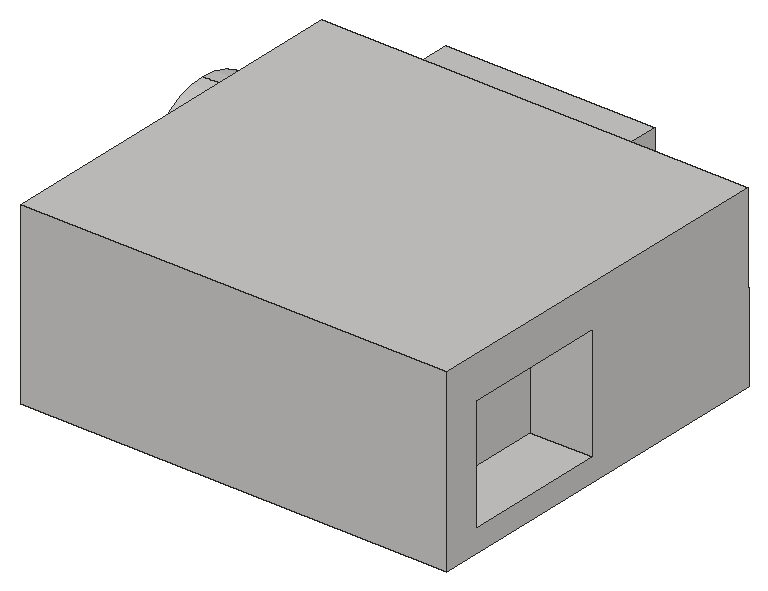
Revit family
Parameters
  Width = 3' - 0 1/8"
  Voltage = 208 V
  Unit Weight = "155.0 lbs"
  UltraLoc Liner = Choose Liner Option = 3  # no
  URL = "http://www.titus-hvac.com/"
  UL = "181"
  Supply Air Flow [instance] = 0 CFM
  SteriLoc Liner = Choose Liner Option = 2  # no
  Primary Air Pressure Drop [instance] = 0.00 in-wg
  Primary Air Flow [instance] = 0 CFM
  Plenum Air Pressure Drop [instance] = 0.00 in-wg
  Plenum Air Flow [instance] = 0 CFM
  Outlet Width = 1' - 2"
  Outlet Vertical Offset = 0' - 1 1/8"
  Outlet Horizontal Offset = 0' - 1 3/8"
  Outlet Height = 0' - 11"
  Number of Poles = 2
  Nominal Width = Width + 0' 6 1/4"  # 3' - 6 3/8"
  Nominal Length = Length + 0' 3 3/8"  # 3' - 8 1/4"
  Nominal Inlet Size = 1' - 2"
  Nominal Height = 1' - 5 1/8"
  NFPA = "90A"
  Motor Full Load Amps = 4.1 A
  Model = "DTQS"
  Min. Air Flow = 0 CFM
  Max. Air Flow = 0 CFM
  Material = Galvanized Steel
  Manufacturer = "Titus"
  Length = 3' - 4 7/8"
  Juction Box Offset = 0' - 6 7/8"
  Inlet Diameter = Nominal Inlet Size - 0' 0 1/8"  # 1' - 1 7/8"
  Induced Air Inlet Offset = 0' - 4 1/2"
  Induced Air Inlet Width = 1' - 1 1/4"
  Induced Air Inlet Height = 1' - 2 1/2"
  Induced Air Filter = no
  Heating Total Capacity [instance] = 0 Btu/h
  Half Outlet Connection Width = Outlet Width / 2  # 0' - 7"
  Half Outlet Connection Height = Outlet Height / 2  # 0' - 5 1/2"
  Half Height Start = -(Nominal Height / 2)  # -0' - 8 9/16"
  Half Height End = Nominal Height / 2  # 0' - 8 9/16"
  HP-Motor = "1/3"
  Frequency = 60 Hz
  Filter Size = "19\"x17\""
  Fiber Free Liner = Choose Liner Option = 1  # no
  Fan Disconnect Switch = no
  Duct Radius = Nominal Inlet Size / 2  # 0' - 7"
  Description = "Series Fan Powered Terminal Unit, Direct Digital Control, Pressure Independent"
  Connection Void Radius = Connection Radius - 0' 0 1/4"  # 0' - 6 11/16"
  Connection Radius = Inlet Diameter / 2  # 0' - 6 15/16"
  Choose Liner Option = 0
  CADworks URL = "www.CADworks.net"
  Assembly Code = "D3040100"
  Apparent Power = Voltage * Motor Full Load Amps  # 852.8 VA
  Air Inlet Offset = 0' - 10"
  1/2" Fiberglass Liner = Choose Liner Option = 0  # yes
Reference planes (in)
  plane 1 "Center (Front/Back)": y = 0
  plane 2: z = 0
  plane 3 "Center (Left/Right)": x = 3
  plane 4: x = -17.4375
  plane 5: x = 23.4375
  plane 6: x = -10.5625
  plane 7: x = -20.8125
  plane 8 "Center (Elevation)": z = 0
  plane 9: y = -18.0625
  plane 10: y = 18.0625
  plane 11: y = 8.0625
  plane 12: y = -13.5625
  plane 13: x = -11.4375
  plane 14: x = 17.4375
  plane 15: z = 8.5625
  plane 16: z = -8.5625
Forms (in)
  Extrusion 1, solid, material "Galvanized Steel" <- "Material"
    sketch origin (61, -3.76302, 78.80279) x (1, 0, 0) y (0, 1, 0)
      loop
        line (-78.4375, 21.82552) -> (-78.4375, -14.29948) -> (-37.5625, -14.29948) -> (-37.5625, 21.82552) -> (-78.4375, 21.82552)
    from -87.36529 <- "Half Height Start" to -70.24029 <- "Half Height End"
  Extrusion 2, solid, material "Galvanized Steel" <- "Material"
    sketch origin (8.0625, 0, 42) x (1, 0, 0) y (0, 1, 0)
      loop
        line (-18.625, 18.0625) -> (1.375, 18.0625) -> (1.375, 24.3125) -> (-18.625, 24.3125) -> (-18.625, 18.0625)
    from -48 to -36
  Extrusion 3, void
    sketch origin (23.4375, 18.0625, 76.42779) x (0, 1, 0) y (0, 0, -1)
      loop
        line (-18.625, 71.86529) -> (-18.625, 82.86529) -> (-32.625, 82.86529) -> (-32.625, 71.86529) -> (-18.625, 71.86529)
    from 0 to 6
  Extrusion 4, solid, material "Galvanized Steel" <- "Material"
    sketch origin (-24.875, -0.4375, 0) x (0, 0, -1) y (0, 1, 0)
      loop
        circle (0, 8.5) r 6.9375
    from 4.0625 to 7.4375
  Extrusion 5, void
    sketch origin (-24.875, 0, 0) x (0, 1, 0) y (0, 0, 1)
      loop
        circle (8.0625, 0) r 6.6875
    from 4.0625 to 13.4375
  Extrusion 6, void
    sketch origin (-17.4375, -18.0625, 78.67779) x (0, -1, 0) y (0, 0, -1)
      loop
        line (-17.75, 71.49029) -> (-4.5, 71.49029) -> (-4.5, 85.99029) -> (-17.75, 85.99029) -> (-17.75, 71.49029)
    from 0 to 6
Cuts and joins
  Extrusion 3, Extrusion 5, Extrusion 6 cuts Extrusion 1
  Extrusion 5 cuts Extrusion 4
Dimensions and locks (in)
  "Length": plane 5 to plane 4
  equal spacing: plane 5, plane 3 "Center (Left/Right)", plane 4
  locked: Extrusion 2 to plane 6 at 0
  locked: Extrusion 2 to Extrusion 2 at 20
  "Juction Box Offset": plane 6 to plane 4
  "Outlet Height": Extrusion 3 sketch curve to Extrusion 3 sketch curve
  "Outlet Width": Extrusion 3 sketch curve to Extrusion 3 sketch curve
  locked: plane 4 to plane 7 at 3.375
  "Width": plane 9 to plane 10
  equal spacing: plane 9, plane 1 "Center (Front/Back)", plane 10
  locked: Extrusion 4 sketch curve to level at 0
  locked: Extrusion 4 sketch curve to plane 11 at 0
  locked: Extrusion 5 sketch curve to level at 0
  locked: Extrusion 5 sketch curve to plane 11 at 0
  locked: Extrusion 2 to Extrusion 2 at 6.25
  "Air Inlet Offset": plane 10 to plane 11
  locked: Extrusion 2 to plane 10 at 0
  locked: cut or joined group of Extrusion 4, Extrusion 5 to plane 7 at 0
  locked: cut or joined group of Extrusion 4, Extrusion 5 to cut or joined group of Extrusion 4, Extrusion 5 at 3.375
  "Induced Air Inlet Offset": plane 9 to plane 12
  "Induced Air Inlet Width": Extrusion 6 sketch curve to Extrusion 6 sketch curve
  "Induced Air Inlet Height": Extrusion 6 sketch curve to Extrusion 6 sketch curve
  "Induced Air Inlet Offset": Extrusion 6 sketch curve to plane 9
  locked: plane 9 to Extrusion 3 sketch curve at 3.5
  cut or joined group of Extrusion 1, Extrusion 3, Extrusion 5, Extrusion 6 to Extrusion 6 sketch curve = 0' - 1 3/8"
  cut or joined group of Extrusion 1, Extrusion 3, Extrusion 5, Extrusion 6 to Extrusion 3 sketch curve = 0' - 2 1/8"
  locked: Extrusion 2 to Extrusion 2 at 12
  equal spacing: Extrusion 2, level, Extrusion 2
  locked: cut or joined group of Extrusion 1, Extrusion 3, Extrusion 5, Extrusion 6 to cut or joined group of Extrusion 1, Extrusion 3, Extrusion 5, Extrusion 6 at 17.125
  equal spacing: cut or joined group of Extrusion 1, Extrusion 3, Extrusion 5, Extrusion 6, level, cut or joined group of Extrusion 1, Extrusion 3, Extrusion 5, Extrusion 6
  locked: plane 4 to plane 13 at 6
  locked: plane 14 to plane 5 at 6
  "Connection Radius": radius of Extrusion 4 sketch curve
  "Connection Void Radius": radius of Extrusion 5 sketch curve
  aligned and locked: cut or joined group of Extrusion 1, Extrusion 3, Extrusion 5, Extrusion 6 to plane 10
  aligned and locked: plane 9 to cut or joined group of Extrusion 1, Extrusion 3, Extrusion 5, Extrusion 6
  aligned and locked: plane 5 to cut or joined group of Extrusion 1, Extrusion 3, Extrusion 5, Extrusion 6
  aligned and locked: cut or joined group of Extrusion 1, Extrusion 3, Extrusion 5, Extrusion 6 to plane 4
  aligned and locked: Extrusion 3 to plane 14
  aligned and locked: plane 13 to Extrusion 6
  aligned and locked: Extrusion 6 to Extrusion 5
Automatic sketch dimensions
  plane 4 to Extrusion 1 sketch curve = 0' - 0"
  plane 5 to Extrusion 1 sketch curve = 0' - 0"
  plane 9 to Extrusion 1 sketch curve = 0' - 0"
  plane 10 to Extrusion 1 sketch curve = 0' - 0"
  Extrusion 2 sketch curve to plane 6 = 0' - 0"
  Extrusion 2 sketch curve to plane 10 = 0' - 0"
  plane 3 "Center (Left/Right)" to Extrusion 2 sketch curve = 0' - 6 7/16"
  Extrusion 2 sketch curve to plane 10 = 0' - 6 1/4"
Connectors (in)
  electrical at (-0.5625, 24.3125, 0), driven by "Apparent Power", driven by "Voltage", driven by "Number of Poles"
    settings: on Extrusion 2, index 8
  hvac at (-20.8125, 8.0625, 0), driven by "Primary Air Flow", driven by "Duct Radius", driven by "Primary Air Pressure Drop"
    settings: on cut or joined group of Extrusion 4, Extrusion 5, index 9
  hvac at (-17.4375, -6.9375, -0.0625), driven by "Induced Air Inlet Width", driven by "Induced Air Inlet Height", driven by "Plenum Air Pressure Drop", driven by "Plenum Air Flow"
    settings: on cut or joined group of Extrusion 1, Extrusion 3, Extrusion 5, Extrusion 6, index 14
  hvac at (23.4375, -7.5625, -0.9375), driven by "Supply Air Flow", driven by "Outlet Width", driven by "Outlet Height"
    settings: on cut or joined group of Extrusion 1, Extrusion 3, Extrusion 5, Extrusion 6, index 15
